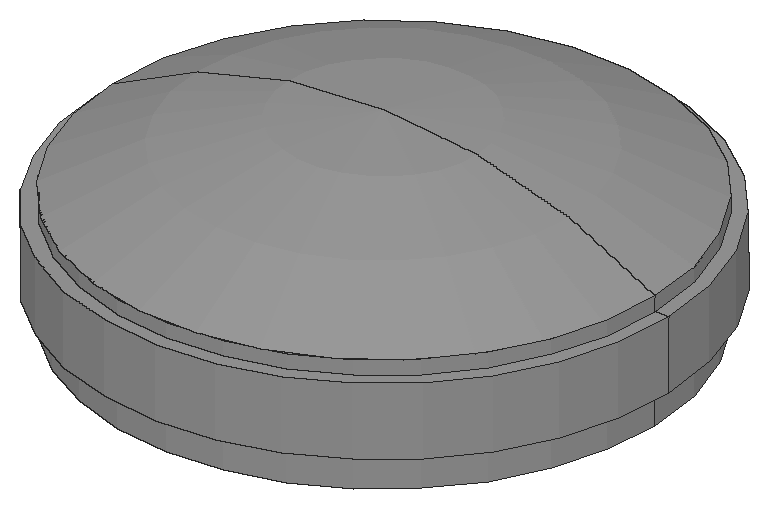
Revit family "3032822 Sylvania_Giotto 335 LED_Surface Mounted", category Lighting Fixtures, host Face, Revit 2017
Family settings
  Host = Face
  Round Connector Dimension = Use Diameter
  Part Type = Normal
  OmniClass Number = 23.80.70.11.17
  OmniClass Title = Specialized Lighting by Location or Use
  Cut with Voids When Loaded = No
  Light Source = Yes
  Shared = No
  Room Calculation Point = No
Parameters (values of type "Giotto335 sur ww")
  Diameter = 335.0 mm
  Weight = 1.44 kg  # constant formula
  Wattage = 17.4088 W
  built-in parameter 1150110 = 1 (stored number, unit not read)
  Voltage Comments = "UNV (Universal Voltage; 220-240 Volt)"  # constant formula
  Voltage = 230 V  # constant formula
  URL = "http://www.sylvania-lighting.com"
  built-in parameter 1114217 = 1 (stored number, unit not read)
  Tilt Angle = -90°
  built-in parameter 1150109 = 1 (stored number, unit not read)
  built-in parameter 1150134 = (empty or 0)
  built-in parameter 1150113 = 1 (stored number, unit not read)
  Product Page URL = "http://www.sylvania-lighting.com/product/en-int/products/3032822"
  Product Family = "GIOTTO 335 LED - SURFACE MOUNTED"  # constant formula
  Photometry Comments = ""
  Photometric Web File = "3032822_GiottoLED33525WSurfaceMountedWarmWhiteEB-108673.ies"
  Life = "50 000 h"  # constant formula
  IP Rating = "IP44"  # constant formula
  IK Rating = "IK10"  # constant formula
  Emit from Circle Diameter = Diameter - 16.0 mm  # 319.0 mm
  Emit Shape Visible in Rendering = no
  Electrical Protection = "CLASS II"  # constant formula
  Drive Current = "700 mA"  # constant formula
  Diffuser Material = Polycarbonate_Sylvania_Giotto_Opal
  Height = 110.0 mm
  built-in parameter 1114216 [instance] = 1 (stored number, unit not read)
  Model = "Giotto335 sur nw"
  Manufacturer = "Feilo Sylvania"
  built-in parameter 1150105 = 420.31 (stored number, unit not read)
  Lumens = 1384 lm
  built-in parameter 1150115 = 1 (stored number, unit not read)
  built-in parameter 1150137 = (empty or 0)
  built-in parameter 1150139 = (empty or 0)
  built-in parameter 1150112 = 1 (stored number, unit not read)
  built-in parameter 1150114 = 1 (stored number, unit not read)
  Lamp Comments = "Integrated LED"  # constant formula
  Lamp = "19W"
  built-in parameter 1150132 = 2
  built-in parameter 1150102 = (empty or 0)
  built-in parameter 1150107 = 3000 (stored number, unit not read)
  built-in parameter 1150138 = (empty or 0)
  built-in parameter 1150106 = 4.2031 (stored number, unit not read)
  Body Material = Polycarbonate_Sylvania_Giotto_White
  built-in parameter 1150104 = 7.3858 (stored number, unit not read)
  Dimming Lamp Color Temperature Shift = <None>
  Description = "Surface or recessed mount versions available. Ideal for general lighting in public areas. Microwave presence detection versions. 3 hour emergency light versions with integrated gear. Up to 1200lm neutral white"  # constant formula
  Default Elevation = 0.0 mm
  Color Filter = 16777215
  Catalog Number = "3032822 Giotto335 sur ww"
  built-in parameter 1140040 [instance] = 1
  built-in parameter 1114218 = 1 (stored number, unit not read)
  built-in parameter 1150133 = 10 (stored number, unit not read)
  Assembly Code = "D5020200"
  Apparent Load Comments = ""
  Apparent Load = 19 VA
Reference planes
  plane 1 "Center (Front/Back)": y = 0
  plane 2: z = 0
  plane 3 "Center (Left/Right)": x = 0
  plane 4 "Fixture Left": x = -167.5
  plane 5 "Fixture Right": x = 167.5
  plane 6 "Fixture Top": z = 110
  plane 7 "Difuser Left": x = -159.5
  plane 8 "Difuser Right": x = 159.5
  plane 9 "Brace Top": z = 60
  plane 10 "Brace Bottom": z = 20
Forms (mm)
  Revolve 1, solid, material "Polycarbonate_Sylvania_Giotto_White" <- "Body Material", detail levels fine
    sketch origin (0, 0, 0) x (1, 0, 0) y (0, 0, 1)
      loop
        line (0, 0) -> (0, 60) -> (-167.5, 60) -> (-167.5, 20) -> (-159.5, 20) -> (-159.5, 0) -> (0, 0)
      axis (0, 60) -> (0, 0)
    angle from 0 to 360
  Revolve 2, solid, material "Polycarbonate_Sylvania_Giotto_Opal" <- "Diffuser Material", detail levels fine
    sketch origin (0, 0, 0) x (1, 0, 0) y (0, 0, 1)
      loop
        line (-159.5, 68) -> (-159.5, 60) -> (0, 60) -> (0, 110)
        arc (0, 110) -> (-82.697, 100.193) -> (-159.5, 68) r 299.575
      axis (0, 110) -> (0, 60)
    angle from 0 to 360
  Revolve 3, solid, material "Polycarbonate_Sylvania_Giotto_White" <- "Body Material", detail levels coarse+medium
    sketch origin (0, 0, 0) x (1, 0, 0) y (0, 0, 1)
      loop
        line (-159.5, 68) -> (-159.5, 60) -> (-167.5, 60) -> (-167.5, 20) -> (-159.5, 20) -> (-159.5, 0) -> (0, 0) -> (0, 110)
        arc (0, 110) -> (-82.697, 100.193) -> (-159.5, 68) r 299.575
      axis (0, 110) -> (0, 0)
    angle from 0 to 360
Dimensions and locks
  equal spacing: plane 5 "Fixture Right", plane 3 "Center (Left/Right)", plane 4 "Fixture Left"
  "Diameter": plane 5 "Fixture Right" to plane 4 "Fixture Left"
  "Height": plane 6 "Fixture Top" to plane 2
  locked: plane 7 "Difuser Left" to plane 4 "Fixture Left" at 8
  locked: plane 5 "Fixture Right" to plane 8 "Difuser Right" at 8
  locked: Revolve 2 sketch curve to plane 9 "Brace Top" at 8
  locked: Revolve 3 sketch curve to plane 9 "Brace Top" at 8
  plane 6 "Fixture Top" to plane 9 "Brace Top" to plane 10 "Brace Bottom" = 50.0 mm locked, 40.0 mm locked
  aligned and locked: plane 2 to host face
  aligned and locked: level to host face
  aligned and locked: plane 1 "Center (Front/Back)" to imposter light
  aligned and locked: plane 2 to Revolve 1 sketch curve
  aligned and locked: plane 4 "Fixture Left" to Revolve 1 sketch curve
  aligned and locked: plane 7 "Difuser Left" to Revolve 1 sketch curve
  aligned and locked: plane 10 "Brace Bottom" to Revolve 1 sketch curve
  aligned and locked: Revolve 1 sketch curve to plane 9 "Brace Top"
  aligned and locked: Revolve 1 sketch curve to plane 3 "Center (Left/Right)"  (x2)
  aligned and locked: Revolve 2 sketch curve to plane 7 "Difuser Left"
  aligned and locked: Revolve 2 sketch curve to plane 9 "Brace Top"
  aligned and locked: Revolve 2 sketch curve to plane 3 "Center (Left/Right)"  (x2)
  aligned and locked: plane 6 "Fixture Top" to Revolve 2 sketch curve
  aligned and locked: Revolve 3 sketch curve to plane 3 "Center (Left/Right)"  (x2)
  aligned and locked: Revolve 3 sketch curve to plane 7 "Difuser Left"  (x2)
  aligned and locked: Revolve 3 sketch curve to plane 4 "Fixture Left"
  aligned and locked: Revolve 3 sketch curve to plane 10 "Brace Bottom"
  aligned and locked: Revolve 3 sketch curve to plane 2
  aligned and locked: plane 3 "Center (Left/Right)" to imposter light
  aligned and locked: imposter light to plane 6 "Fixture Top"
Automatic sketch dimensions
  host sketch curve to host sketch curve = 1305.563 mm
  host sketch curve to host sketch curve = 1283.632 mm
  Revolve 1 sketch curve to level = 61.8 mm
  Revolve 1 sketch curve to plane 6 "Fixture Top" = 6.8 mm
  Revolve 2 sketch curve to plane 3 "Center (Left/Right)" = 6.413 mm
  plane 10 "Brace Bottom" to Revolve 2 sketch curve = 9.973 mm
  plane 6 "Fixture Top" to Revolve 2 sketch curve = 84.973 mm
  Revolve 3 sketch curve to plane 9 "Brace Top" = 0.0 mm
  Revolve 3 sketch curve to plane 6 "Fixture Top" = 0.0 mm
  Revolve 3 sketch curve to plane 3 "Center (Left/Right)" = 6.413 mm
  Revolve 3 sketch curve to level = 88.4 mm
  plane 6 "Fixture Top" to Revolve 3 sketch curve = 81.6 mm
Connectors
  electrical at (0, 0, 0), driven by "Voltage", driven by "Apparent Load"
    settings: on Revolve 1, index 1, voltage 230 V, apparent load 0 VA, apparent load phase1 19 VA, apparent load phase2 0 VA, apparent load phase3 0 VA, power factor 1, load classification "Lighting", number of poles 1, system type 31, power factor state 1, is connector primary yes, connector utility no, sub classification motor no, connector description ""
